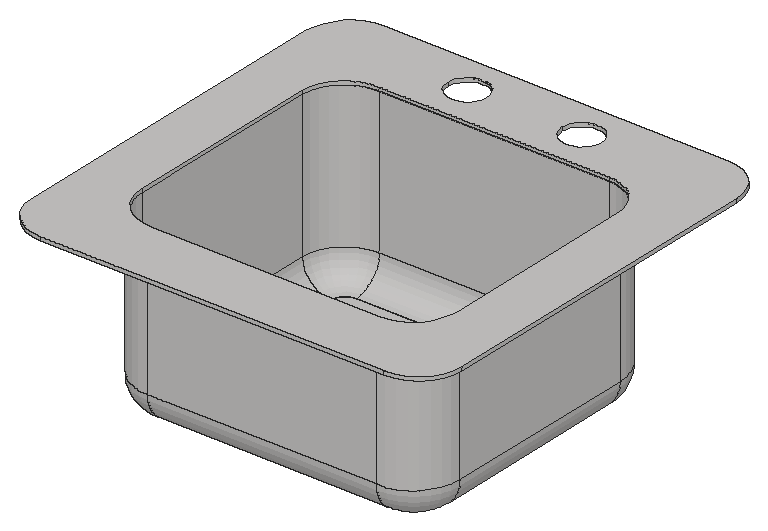
Revit family "QF_Vollrath_K1554-C", category Specialty Equipment, Revit 2016
Family settings
  Part Type = Normal
  Round Connector Dimension = Use Diameter
  OmniClass Number = 23.40.40.14.31
  OmniClass Title = Cleaning and Disposal Equipment
  Work Plane-Based = Yes
  Always vertical = Yes
  Cut with Voids When Loaded = No
  Shared = No
  Room Calculation Point = No
Parameters (values of type "K1554-C")
  Width = 1' - 3"
  Weight in Pounds = 0
  Watermarked By = "http://revitwatermark.com"
  URL Cutsheet = ""
  Status [instance] = ""
  Specification by User [instance] = ""
  Specification by Manufacturer [instance] = ""
  Sink Width = 0' - 11"
  Sink Depth = 0' - 10"
  Sink Basin Depth = 0' - 6 3/16"
  Serial Number [instance] = ""
  Seismic Rating [instance] = ""
  SMACNA No [instance] = ""
  Revision Code [instance] = ""
  NAFEM Spec ID Number [instance] = ""
  Model = "K1554-C"
  Masterspec [instance] = ""
  Manufacturer = "Vollrath"
  Item Number [instance] = "-"
  Installed By [instance] = ""
  Indirect Waste Size = 2"
  Indirect Waste Flow [instance] = 0.00 GPM
  Indirect Waste Connection Type [instance] = ""
  Indirect Waste Connection Height [instance] = 0' - 0"
  Furnished By [instance] = ""
  Foodservice Equipment Identifier [instance] = yes
  Description = "Bar Sink"  # constant formula
  Depth = 1' - 3"
  Default Elevation = 4' - 0"
  CSI MasterFormat = ""
Types (4): name | Model
  (no name) | "K1554-C"
  155-4 | "K1554-C"
  1554-C | "1554-C"
  K1554-C | "K1554-C"
Reference planes (in)
  plane 1 "BACK": y = 0
  plane 2 "BOTTOM": z = 0
  plane 3 "LEFT": x = 0
  plane 4 "RIGHT": x = 15
  plane 5 "FRONT": y = -15
  plane 6: x = 7.5
  plane 7: y = -7.71875
  plane 8: y = -2
  plane 9: y = -2.71875
  plane 10: y = -12.71875
  plane 11: x = 2
  plane 12: x = 13
  plane 13 "Sink Bottom": z = -6.1875
Forms (in)
  Sweep 1, solid, material "QF_Finishes_Stainless Steel"
    path origin (0, 0, 0) x (1, 0, 0) y (0, 1, 0)
      loop
        arc (3.5, -2.71875) -> (2.43934, -3.15809) -> (2, -4.21875) r 1.5
        line (2, -4.21875) -> (2, -11.21875)
        arc (2, -11.21875) -> (2.43934, -12.27941) -> (3.5, -12.71875) r 1.5
        line (3.5, -12.71875) -> (11.5, -12.71875)
        arc (11.5, -12.71875) -> (12.56066, -12.27941) -> (13, -11.21875) r 1.5
        line (13, -11.21875) -> (13, -4.21875)
        arc (13, -4.21875) -> (12.56066, -3.15809) -> (11.5, -2.71875) r 1.5
        line (11.5, -2.71875) -> (3.5, -2.71875)
    profile origin (7.5, -2.71875, 0) x (0, 1, 0) y (0, 0, 1)
      loop
        line (0, 0) -> (0, -5.0625)
        arc (0, -5.0625) -> (-0.29289, -5.76961) -> (-1, -6.0625) r 1
        line (-1, -6.0625) -> (-1, -6.1875)
        arc (-1, -6.1875) -> (-0.2045, -5.858) -> (0.125, -5.0625) r 1.125
        line (0.125, -5.0625) -> (0.125, 0) -> (0, 0)
  Extrusion 2, solid, material "QF_Finishes_Stainless Steel"
    sketch origin (0, 0, -6.1875) x (-1, 0, 0) y (0, -1, 0)
      loop
        line (-11.5, 3.71875) -> (-3.5, 3.71875)
        arc (-3.5, 3.71875) -> (-3.14645, 3.8652) -> (-3, 4.21875) r 0.5
        line (-3, 4.21875) -> (-3, 11.21875)
        arc (-3, 11.21875) -> (-3.14645, 11.5723) -> (-3.5, 11.71875) r 0.5
        line (-3.5, 11.71875) -> (-11.5, 11.71875)
        arc (-11.5, 11.71875) -> (-11.85355, 11.5723) -> (-12, 11.21875) r 0.5
        line (-12, 11.21875) -> (-12, 4.21875)
        arc (-12, 4.21875) -> (-11.85355, 3.8652) -> (-11.5, 3.71875) r 0.5
      loop
        circle (-7.5, 7.71875) r 1.75
    from 0 to 0.125
  Extrusion 3, solid, material "QF_Finishes_Stainless Steel"
    sketch origin (0, 0, 0) x (1, 0, 0) y (0, 1, 0)
      loop
        arc (1.5, 0) -> (0.43934, -0.43934) -> (0, -1.5) r 1.5
        line (0, -1.5) -> (0, -13.5)
        arc (0, -13.5) -> (0.43934, -14.56066) -> (1.5, -15) r 1.5
        line (1.5, -15) -> (13.5, -15)
        arc (13.5, -15) -> (14.56066, -14.56066) -> (15, -13.5) r 1.5
        line (15, -13.5) -> (15, -1.5)
        arc (15, -1.5) -> (14.56066, -0.43934) -> (13.5, 0) r 1.5
        line (13.5, 0) -> (1.5, 0)
      loop
        arc (2, -11.21875) -> (2.43934, -12.27941) -> (3.5, -12.71875) r 1.5
        line (3.5, -12.71875) -> (11.5, -12.71875)
        arc (11.5, -12.71875) -> (12.56066, -12.27941) -> (13, -11.21875) r 1.5
        line (13, -11.21875) -> (13, -4.21875)
        arc (13, -4.21875) -> (12.56066, -3.15809) -> (11.5, -2.71875) r 1.5
        line (11.5, -2.71875) -> (3.5, -2.71875)
        arc (3.5, -2.71875) -> (2.43934, -3.15809) -> (2, -4.21875) r 1.5
        line (2, -4.21875) -> (2, -11.21875)
      loop
        circle (9.5, -1.37133) r 0.6875
      loop
        circle (5.5, -1.37133) r 0.6875
    from 0 to 0.125
Lines and regions (in)
  symbolic lines
    curve 1: arc (1.5, 0, 0) -> (0.43934, -0.43934, 0) -> (0, -1.5, 0) r 1.5
    curve 2: line (13.5, 0, 0) -> (1.5, 0, 0)
    curve 3: line (0, -1.5, 0) -> (0, -13.5, 0)
    curve 4: arc (0, -13.5, 0) -> (0.43934, -14.56066, 0) -> (1.5, -15, 0) r 1.5
    curve 5: line (1.5, -15, 0) -> (13.5, -15, 0)
    curve 6: arc (13.5, -15, 0) -> (14.56066, -14.56066, 0) -> (15, -13.5, 0) r 1.5
    curve 7: line (15, -13.5, 0) -> (15, -1.5, 0)
    curve 8: arc (15, -1.5, 0) -> (14.56066, -0.43934, 0) -> (13.5, 0, 0) r 1.5
  symbolic lines, style "QF_Surface Details"
    curve 9: circle (7.5, -7.71875, 0) r 1.75 normal (0, 0, 1)
    curve 10: arc (6.1875, -1.37133, 0) -> (5.5, -2.05883, 0) -> (4.8125, -1.37133, 0) r 0.6875
    curve 11: arc (4.8125, -1.37133, 0) -> (5.5, -0.68383, 0) -> (6.1875, -1.37133, 0) r 0.6875
    curve 12: arc (10.1875, -1.37133, 0) -> (9.5, -2.05883, 0) -> (8.8125, -1.37133, 0) r 0.6875
    curve 13: arc (8.8125, -1.37133, 0) -> (9.5, -0.68383, 0) -> (10.1875, -1.37133, 0) r 0.6875
    curve 14: line (3.5, -2.71875, 0) -> (11.5, -2.71875, 0)
    curve 15: arc (2, -4.21875, 0) -> (2.43934, -3.15809, 0) -> (3.5, -2.71875, 0) r 1.5
    curve 16: line (2, -11.21875, 0) -> (2, -4.21875, 0)
    curve 17: arc (11.5, -2.71875, 0) -> (12.56066, -3.15809, 0) -> (13, -4.21875, 0) r 1.5
    curve 18: line (13, -4.21875, 0) -> (13, -11.21875, 0)
    curve 19: arc (3.5, -12.71875, 0) -> (2.43934, -12.27941, 0) -> (2, -11.21875, 0) r 1.5
    curve 20: line (11.5, -12.71875, 0) -> (3.5, -12.71875, 0)
    curve 21: arc (13, -11.21875, 0) -> (12.56066, -12.27941, 0) -> (11.5, -12.71875, 0) r 1.5
Dimensions and locks (in)
  "Width": plane 3 "LEFT" to plane 4 "RIGHT"
  "Depth": plane 5 "FRONT" to plane 1 "BACK"
  locked: plane 8 to plane 1 "BACK" at 2
  equal spacing: plane 9, plane 7, plane 10
  "Sink Depth": plane 9 to plane 10
  equal spacing: plane 3 "LEFT", plane 6, plane 4 "RIGHT"
  equal spacing: plane 11, plane 6, plane 12
  "Sink Width": plane 11 to plane 12
  "Sink Basin Depth": level to plane 13 "Sink Bottom"
  level to Sweep 1 sketch curve = 0' - 0"
  locked: Sweep 1 sketch curve to plane 9 at 0.125
  locked: plane 13 "Sink Bottom" to Sweep 1 sketch curve at 0.125
  plane 11 to plane 12 = 0' - 11"
  plane 9 to plane 10 = 0' - 10"
  locked: plane 8 to plane 9 at 0.71875
  Extrusion 3 sketch curve to Extrusion 3 sketch curve = 0' - 4"
  aligned and locked: level to plane 2 "BOTTOM"
  aligned and locked: Sweep 1 sketch curve to plane 9
  aligned and locked: plane 11 to Sweep 1 sketch curve
  aligned and locked: plane 10 to Sweep 1 sketch curve
  aligned and locked: Sweep 1 sketch curve to plane 12
  aligned and locked: plane 9 to Sweep 1 sketch curve
  aligned and locked: plane 13 "Sink Bottom" to Sweep 1 sketch curve
  aligned and locked: Extrusion 2 sketch curve to Sweep 1  (x4)
  aligned and locked: Extrusion 3 sketch curve to Sweep 1  (x4)
Automatic sketch dimensions
  plane 11 to Sweep 1 sketch curve = 0' - 1 1/2"  (x2)
  Sweep 1 sketch curve to plane 12 = 0' - 1 1/2"
  Sweep 1 sketch curve to plane 9 = 0' - 1 1/2"
  Sweep 1 sketch curve to Sweep 1 sketch curve = 0' - 1"
  Extrusion 2 sketch curve to plane 7 = 0' - 0"
  Extrusion 2 sketch curve to Extrusion 2 sketch curve = 0' - 0 1/2"  (x4)
  plane 6 to Extrusion 2 sketch curve = 0' - 0"
  Extrusion 3 sketch curve to plane 3 "LEFT" = 0' - 0"
  plane 5 "FRONT" to Extrusion 3 sketch curve = 0' - 0"
  plane 1 "BACK" to Extrusion 3 sketch curve = 0' - 0"
  Extrusion 3 sketch curve to plane 4 "RIGHT" = 0' - 0"
  Extrusion 3 sketch curve to plane 11 = 0' - 0 1/2"  (x2)
  Extrusion 3 sketch curve to Extrusion 3 sketch curve = 0' - 1 1/2"  (x2)
  plane 11 to Extrusion 3 sketch curve = 0' - 1 1/2"
  plane 8 to Extrusion 3 sketch curve = 0' - 0.62867"  (x2)
  Extrusion 3 sketch curve to plane 6 = 0' - 2"
  Extrusion 3 sketch curve to plane 12 = 0' - 1 1/2"
  curve 3 to plane 3 "LEFT" = 0' - 0"
  plane 1 "BACK" to curve 2 = 0' - 0"
  plane 5 "FRONT" to curve 5 = 0' - 0"
  curve 9 to plane 6 = 0' - 0"
  curve 8 to plane 4 "RIGHT" = 0' - 0"
  curve 9 to plane 7 = 0' - 0"
  curve 2 to plane 11 = 0' - 0 1/2"
  curve 5 to plane 11 = 0' - 0 1/2"
  plane 12 to curve 5 = 0' - 0 1/2"
  plane 12 to curve 8 = 0' - 0 1/2"
  plane 8 to curve 10 = 0' - 0.62867"
  curve 10 to plane 6 = 0' - 2 11/16"
  curve 10 to curve 11 = 0' - 0 11/16"
  plane 6 to curve 13 = 0' - 1 5/16"
  curve 12 to curve 13 = 0' - 0 11/16"
  plane 8 to curve 13 = 0' - 0.62867"
  curve 15 to plane 11 = 0' - 0"
  curve 14 to plane 9 = 0' - 0"
  plane 11 to curve 14 = 0' - 1 1/2"
  curve 14 to plane 12 = 0' - 1 1/2"
  plane 10 to curve 16 = 0' - 1 1/2"
  curve 17 to plane 12 = 0' - 0"
  curve 19 to plane 10 = 0' - 0"
  curve 20 to plane 12 = 0' - 1 1/2"
  plane 8 to Extrusion 3 sketch curve = 0' - 0 1/2"
  plane 12 to Extrusion 3 sketch curve = 0' - 0 1/2"
  radius of Extrusion 2 sketch curve = 0' - 1 3/4"
  radius of Extrusion 3 sketch curve = 0' - 0 11/16"  (x2)
  radius of curve 9 = 0' - 1 3/4"
Connectors (in)
  piping at (7.5, -7.71875, -6.1875), diameter 2, driven by "Indirect Waste Flow"
    settings: on Extrusion 2, index 1, connector inside diameter 2", connector length 0' - 0", flow factor 0, pipe flow 0.00 GPM, pressure drop 0.00 psi, fitting loss kfactor 0, connector angle 0.00°, fixture units 0, engagement length 0' - 0", angle of deflection 0.00°, flow configuration 1, flow direction 2, fitting loss method 0, system type 16, joint type 0, gender type 0, connector reference index -1, connector utility 0, adjustable connector no, is connector primary yes, connector description "IW"
